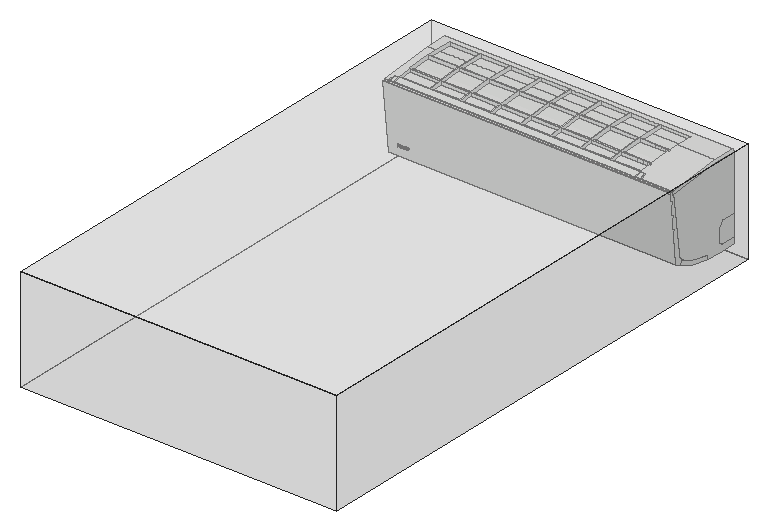
Revit family "outputfile", category 機械設備, Revit 2024
Family settings
  丸型コネクタ寸法 = 半径を使用
  パーツ タイプ = 標準
  OmniClass 番号 = 23.75.10.24.21.27.27
  OmniClass タイトル = Split System Air Conditioning Units
  作業面ベース = いいえ
  常に垂直 = はい
  ロード時にボイドで切り取り = いいえ
  注釈の向きを維持 = いいえ
  共有 = いいえ
  部屋計算ポイント = いいえ
Parameters (values of type "FTKF60AV14")
  Description = ""
  書き出し IFC クラス(タイプ) = "IfcUnitaryEquipmentType"
  定義済み IFC タイプ(タイプ) = "AIRCONDITIONINGUNIT"
  Cost = 0
  Type Comments = ""
  Keynote = ""
  Type Image = (empty or 0)
  Assembly Code = ""
  switch_frequency = yes
  lw_connection [instance] = if(Width = 730.0 mm, 85.0 mm, if(Width = 770.0 mm, 48.0 mm, 60.0 mm))  # 60.0 mm
  製造元 = "Daikin"
  モデル = "FTKF60AV14"
  r_Liquid Pipe Size = Liquid Pipe Size / 2  # 3.2 mm
  r_Gas Pipe Size = Gas Pipe Size / 2  # 6.35 mm
  r_Drain Pipe Size = Drain Pipe Size / 2  # 9.55 mm
  lw_powersupply [instance] = if(Width = 730.0 mm, if(or(Rear Right Connection_refrigerant, Bottom Right Connection_refrigerant), 65.0 mm, if(or(Rear Left Connection_refrigerant, Bottom Left Connection_refrigerant), 695.0 mm, 400.0 mm)), if(Width = 770.0 mm, if(or(Rear Right Connection_refrigerant, Bottom Right Connection_refrigerant), 68.0 mm, if(or(Rear Left Connection_refrigerant, Bottom Left Connection_refrigerant), 705.0 mm, 400.0 mm)), if(or(Rear Right Connection_refrigerant, Bottom Right Connection_refrigerant), 83.0 mm, if(or(Rear Left Connection_refrigerant, Bottom Left Connection_refrigerant), 928.0 mm, 400.0 mm))))  # 400.0 mm
  lw_liquidpipe [instance] = if(Width = 730.0 mm, if(or(Rear Right Connection_refrigerant, Bottom Right Connection_refrigerant), 0.0 mm, if(or(Rear Left Connection_refrigerant, Bottom Left Connection_refrigerant), 582.0 mm, 473.0 mm)), if(Width = 770.0 mm, if(or(Rear Right Connection_refrigerant, Bottom Right Connection_refrigerant), 0.0 mm, if(or(Rear Left Connection_refrigerant, Bottom Left Connection_refrigerant), 682.0 mm, 385.0 mm)), if(or(Rear Right Connection_refrigerant, Bottom Right Connection_refrigerant), 10.0 mm, if(or(Rear Left Connection_refrigerant, Bottom Left Connection_refrigerant), 858.0 mm, 435.0 mm))))  # 435.0 mm
  lw_gaspipe [instance] = if(Width = 730.0 mm, if(or(Rear Right Connection_refrigerant, Bottom Right Connection_refrigerant), 0.0 mm, if(or(Rear Left Connection_refrigerant, Bottom Left Connection_refrigerant), 576.0 mm, 428.0 mm)), if(Width = 770.0 mm, if(or(Rear Right Connection_refrigerant, Bottom Right Connection_refrigerant), 0.0 mm, if(or(Rear Left Connection_refrigerant, Bottom Left Connection_refrigerant), 675.0 mm, 335.0 mm)), if(or(Rear Right Connection_refrigerant, Bottom Right Connection_refrigerant), 0.0 mm, if(or(Rear Left Connection_refrigerant, Bottom Left Connection_refrigerant), 851.0 mm, 400.0 mm))))  # 400.0 mm
  lw_drainpipe [instance] = if(Width = 730.0 mm, if(or(Rear Right Connection_refrigerant, Bottom Right Connection_refrigerant), 0.0 mm, if(or(Rear Left Connection_refrigerant, Bottom Left Connection_refrigerant), 590.0 mm, 488.0 mm)), if(Width = 770.0 mm, if(or(Rear Right Connection_refrigerant, Bottom Right Connection_refrigerant), 0.0 mm, if(or(Rear Left Connection_refrigerant, Bottom Left Connection_refrigerant), 695.0 mm, 440.0 mm)), if(or(Rear Right Connection_refrigerant, Bottom Right Connection_refrigerant), 0.0 mm, if(or(Rear Left Connection_refrigerant, Bottom Left Connection_refrigerant), 888.0 mm, 475.0 mm))))  # 475.0 mm
  l_powersupply_length [instance] = if(Width = 730.0 mm, if(Right Connection_refrigerant, 400.0 mm, if(Left Connection_refrigerant, 330.0 mm, if(or(Bottom Left Connection_refrigerant, Bottom Right Connection_refrigerant), 57.0 mm, if(or(Rear Left Connection_refrigerant, Rear Right Connection_refrigerant), 15.0 mm, 50.0 mm)))), if(Width = 770.0 mm, if(Right Connection_refrigerant, 400.0 mm, if(Left Connection_refrigerant, 370.0 mm, if(or(Bottom Left Connection_refrigerant, Bottom Right Connection_refrigerant), 57.0 mm, if(or(Rear Left Connection_refrigerant, Rear Right Connection_refrigerant), 15.0 mm, 50.0 mm)))), if(Right Connection_refrigerant, 400.0 mm, if(Left Connection_refrigerant, 590.0 mm, if(or(Bottom Left Connection_refrigerant, Bottom Right Connection_refrigerant), 57.0 mm, if(or(Rear Left Connection_refrigerant, Rear Right Connection_refrigerant), 15.0 mm, 50.0 mm))))))  # 400.0 mm
  l_liquidpipe_length [instance] = if(Width = 730.0 mm, if(Right Connection_refrigerant, 558.0 mm, if(Left Connection_refrigerant, 172.0 mm, if(or(Bottom Left Connection_refrigerant, Bottom Right Connection_refrigerant), 48.0 mm, if(or(Rear Left Connection_refrigerant, Rear Right Connection_refrigerant), 30.0 mm, 40.0 mm)))), if(Width = 770.0 mm, if(Right Connection_refrigerant, 433.0 mm, if(Left Connection_refrigerant, 337.0 mm, if(or(Bottom Left Connection_refrigerant, Bottom Right Connection_refrigerant), 48.0 mm, if(or(Rear Left Connection_refrigerant, Rear Right Connection_refrigerant), 30.0 mm, 40.0 mm)))), if(Right Connection_refrigerant, 495.0 mm, if(Left Connection_refrigerant, 495.0 mm, if(or(Bottom Left Connection_refrigerant, Bottom Right Connection_refrigerant), 48.0 mm, if(or(Rear Left Connection_refrigerant, Rear Right Connection_refrigerant), 30.0 mm, 40.0 mm))))))  # 495.0 mm
  l_gaspipe_length [instance] = if(Width = 730.0 mm, if(Right Connection_refrigerant, 513.0 mm, if(Left Connection_refrigerant, 217.0 mm, if(or(Bottom Left Connection_refrigerant, Bottom Right Connection_refrigerant), 57.0 mm, if(or(Rear Left Connection_refrigerant, Rear Right Connection_refrigerant), 40.0 mm, 50.0 mm)))), if(Width = 770.0 mm, if(Right Connection_refrigerant, 383.0 mm, if(Left Connection_refrigerant, 387.0 mm, if(or(Bottom Left Connection_refrigerant, Bottom Right Connection_refrigerant), 57.0 mm, if(or(Rear Left Connection_refrigerant, Rear Right Connection_refrigerant), 40.0 mm, 50.0 mm)))), if(Right Connection_refrigerant, 460.0 mm, if(Left Connection_refrigerant, 530.0 mm, if(or(Bottom Left Connection_refrigerant, Bottom Right Connection_refrigerant), 57.0 mm, if(or(Rear Left Connection_refrigerant, Rear Right Connection_refrigerant), 40.0 mm, 50.0 mm))))))  # 460.0 mm
  l_drainpipe_length [instance] = if(Width = 730.0 mm, if(Right Connection_refrigerant, 573.0 mm, if(Left Connection_refrigerant, 157.0 mm, if(or(Bottom Left Connection_refrigerant, Bottom Right Connection_refrigerant), 35.0 mm, if(or(Rear Left Connection_refrigerant, Rear Right Connection_refrigerant), 15.0 mm, 20.0 mm)))), if(Width = 770.0 mm, if(Right Connection_refrigerant, 488.0 mm, if(Left Connection_refrigerant, 282.0 mm, if(or(Bottom Left Connection_refrigerant, Bottom Right Connection_refrigerant), 35.0 mm, if(or(Rear Left Connection_refrigerant, Rear Right Connection_refrigerant), 15.0 mm, 20.0 mm)))), if(Right Connection_refrigerant, 535.0 mm, if(Left Connection_refrigerant, 455.0 mm, if(or(Bottom Left Connection_refrigerant, Bottom Right Connection_refrigerant), 35.0 mm, if(or(Rear Left Connection_refrigerant, Rear Right Connection_refrigerant), 15.0 mm, 20.0 mm))))))  # 535.0 mm
  h*** = 0.0 mm  # constant formula
  connector_voltage = Voltage_50Hz  # 230 V
  connector_powerinput = [Power Input (Cooling)]  # 1.965 kW
  connector_phase = Phase_50Hz  # 1
  angle_vertical [instance] = if(or(Bottom Left Connection_refrigerant, Bottom Right Connection_refrigerant), 0.00°, 90.00°)  # 90.00°
  angle_horizontal [instance] = if(Right Connection_refrigerant, 90.00°, if(Left Connection_refrigerant, -90.00°, if(or(Rear Left Connection_refrigerant, Rear Right Connection_refrigerant), 180.00°, 0.00°)))  # 90.00°
  Width = 990.0 mm
  Voltage_comment_50Hz = "220 - 240"
  Voltage_50Hz = 230 V
  Version = "ver.1.0"
  Unit Type = "Wall Mounted"
  Unit Mass Weight = 13.00 kg
  Unit Designation [instance] = ""
  Uniclass2015Version = "Products v1.30"
  Uniclass2015Title = "Split coil room air conditioning units"
  Uniclass2015Code = "Pr_70_65_03_86"
  URL = ""
  Total Cooling Capacity [instance] = 0.000 kW
  Sound Pressure Level_M speed (dBA) = 41
  Sound Pressure Level_L speed (dBA) = 36
  Sound Pressure Level_H speed (dBA) = 43
  Sound Power Level_H speed (dB) = 0
  Series = "Single Split_Fan Coil Unit"
  Sensible Cooling Capacity [instance] = 0.000 kW
  Refrigerant Type = "R32"
  Power Input (Cooling) = 1.965 kW
  Phase_50Hz = 1
  Option Accessory 3 [instance] = ""
  Option Accessory 2 [instance] = ""
  Option Accessory 1 [instance] = ""
  Nominal Cooling Capacity = 7.030 kW
  Minimum Circuit Amps_50Hz = 11.5 A
  Minimum Airflow = 816.00 m³/h
  Median Airflow = 951.00 m³/h
  Maximum Fuse Amps_50Hz = 20.0 A
  Maximum Airflow = 1090.00 m³/h
  Material_Casing = DAIKIN_White_Casing_indoorunit
  Load Classification = HVAC
  Liquid Pipe Size = 6.4 mm
  Link_Nested Family [instance] = ""
  IfcVersion = ""
  IfcExportType = "AIRCONDITIONINGUNIT"
  IfcExportAs = "IfcUnitaryEquipmentType"
  Height = 297.0 mm
  Heat Exchanger Type = "Cross Fin Coil"
  Gas Pipe Size = 12.7 mm
  Frequency_50Hz = 50 Hz
  Fan Type = "Cross Flow Fan"
  Fan Drive = "Direct Drive"
  FCU Tag No. [instance] = ""
  Drain Pipe Size = 19.1 mm
  Design Supply Airflow [instance] = 0.00 m³/h
  Depth = 273.0 mm
  既定の高さ = 0.0 mm
  Cooling Entering Wet Bulb Temperature [instance] = 0.00 °C
  Cooling Entering Dry Bulb Temperature [instance] = 0.00 °C
  Cooling Ambient Wet Bulb Temperature [instance] = 0.00 °C
  Cooling Ambient Dry Bulb Temperature [instance] = 0.00 °C
  Clearance visibility [instance] = yes
  Clearance Top = 30.0 mm
  Clearance Right = 50.0 mm
  Clearance Rear = 0.0 mm
  Clearance Left = 50.0 mm
  Clearance Front = 1500.0 mm
  Clearance Bottom = 30.0 mm
  Bottom Right Connection_refrigerant [instance] = no
  Bottom Left Connection_refrigerant [instance] = no
  Rear Right Connection_refrigerant [instance] = no
  Rear Left Connection_refrigerant [instance] = no
  Right Connection_refrigerant [instance] = yes
  Left Connection_refrigerant [instance] = no
Reference planes
  plane 1 "Back": y = 0
  plane 2: z = 0
  plane 3 "Center (Left/Right)": x = 0
  plane 4 "Center (Front/Back)": y = -136.5
  plane 5 "Front": y = -273
  plane 6 "Left": x = -495
  plane 7 "Right": x = 495
  plane 8 "Top": z = 0
  plane 9 "Bottom": z = -297
  plane 10 "Front panel_Left": x = -493
  plane 11 "Front panel_Right": x = 493
  plane 12: x = 359
  plane 13: x = 354
  plane 14: x = -545
  plane 15: x = 545
  plane 16: y = 0
  plane 17: y = -213
  plane 18: z = 30
  plane 19: z = -327
  plane 20 "lw_Piping and Wiring intake": x = 435
  plane 21 "lw_gaspipe": x = 35
  plane 22 "lw_liquidpipe": x = 0
  plane 23 "lw_drainpipe": x = -40
  plane 24 "lh_drainpipe": z = -262
  plane 25 "lh_liquidpipe": z = -249
  plane 26 "lh_gaspipe": z = -240
  plane 27 "ld_drainpipe": y = -15
  plane 28 "ld_liquidpipe": y = -30
  plane 29 "ld_gaspipe": y = -40
  plane 30 "lw_powersupply": x = 95
  plane 31: y = -1773
Dimensions and locks
  equal spacing: plane 6 "Left", plane 3 "Center (Left/Right)", plane 7 "Right"
  "Width": plane 6 "Left" to plane 7 "Right"
  equal spacing: plane 5 "Front", plane 4 "Center (Front/Back)", plane 1 "Back"
  "Depth": plane 5 "Front" to plane 1 "Back"
  "Height": plane 8 "Top" to plane 9 "Bottom"
  locked: plane 10 "Front panel_Left" to plane 6 "Left" at 2
  locked: plane 7 "Right" to plane 11 "Front panel_Right" at 2
  locked: plane 7 "Right" to plane 12 at 136
  locked: plane 12 to plane 13 at 5
  "Clearance Rear": plane 16 to plane 1 "Back"
  "Clearance Top": plane 18 to plane 8 "Top"
  "Clearance Bottom": plane 9 "Bottom" to plane 19
  "lw_connection": plane 20 "lw_Piping and Wiring intake" to plane 7 "Right"
  "lw_gaspipe": plane 21 "lw_gaspipe" to plane 20 "lw_Piping and Wiring intake"
  "lw_liquidpipe": plane 22 "lw_liquidpipe" to plane 20 "lw_Piping and Wiring intake"
  "lw_drainpipe": plane 23 "lw_drainpipe" to plane 20 "lw_Piping and Wiring intake"
  locked: plane 24 "lh_drainpipe" to plane 9 "Bottom" at 35
  locked: plane 25 "lh_liquidpipe" to plane 9 "Bottom" at 48
  locked: plane 26 "lh_gaspipe" to plane 9 "Bottom" at 57
  locked: plane 27 "ld_drainpipe" to plane 1 "Back" at 15
  locked: plane 1 "Back" to plane 28 "ld_liquidpipe" at 30
  locked: plane 1 "Back" to plane 29 "ld_gaspipe" at 40
  "lw_powersupply": plane 30 "lw_powersupply" to plane 7 "Right"
  "Clearance Left": plane 14 to plane 6 "Left"
  "Clearance Right": plane 7 "Right" to plane 15
  "Clearance Front": plane 5 "Front" to plane 31
  aligned and locked: level to plane 2
  aligned and locked: plane 16 to nested 1
  aligned and locked: nested 1 to plane 14
  aligned and locked: nested 1 to plane 15
  aligned and locked: plane 19 to nested 1
  aligned and locked: plane 18 to nested 1
  aligned and locked: plane 21 "lw_gaspipe" to nested 2
  aligned and locked: nested 2 to plane 29 "ld_gaspipe"
  aligned and locked: plane 22 "lw_liquidpipe" to nested 3
  aligned and locked: nested 3 to plane 28 "ld_liquidpipe"
  aligned and locked: plane 23 "lw_drainpipe" to nested 4
  aligned and locked: nested 4 to plane 27 "ld_drainpipe"
  aligned and locked: nested 5 to plane 27 "ld_drainpipe"
  aligned and locked: plane 30 "lw_powersupply" to nested 5
  aligned and locked: level to plane 8 "Top"
  aligned and locked: nested 1 to plane 31
Nested families
  nested 1: "daikin_clearancespace" at (0, -886.5, -148.381), show <- "Clearance visibility", visible <- "Clearance visibility", Link_Nested Family <- "Link_Nested Family", type "daikin_clearancespace"
    with width 1090.0 mm, show yes, height 357.0 mm, depth 1773.0 mm, Link_Nested Family ""
  nested 2: "daikin_connector_rotate3" at (35, -40, -240), angle_vertical <- "angle_vertical", angle_horizontal <- "angle_horizontal", length <- "l_gaspipe_length", radius <- "r_Gas Pipe Size", type "daikin_connector_rotate3"
    with show no, radius 6.35 mm, length 460.0 mm, angle_vertical 90.00°, angle_horizontal 90.00°
  nested 3: "daikin_connector_rotate3" at (0, -30, -249), angle_vertical <- "angle_vertical", angle_horizontal <- "angle_horizontal", radius <- "r_Liquid Pipe Size", length <- "l_liquidpipe_length", type "daikin_connector_rotate3"
    with show no, radius 3.2 mm, length 495.0 mm, angle_vertical 90.00°, angle_horizontal 90.00°
  nested 4: "daikin_connector_rotate3" at (-40, -15, -262), angle_vertical <- "angle_vertical", angle_horizontal <- "angle_horizontal", length <- "l_drainpipe_length", radius <- "r_Drain Pipe Size", type "daikin_connector_rotate3"
    with show no, radius 9.55 mm, length 535.0 mm, angle_vertical 90.00°, angle_horizontal 90.00°
  nested 5: "daikin_connector_rotate3" at (95, -15, -240), angle_vertical <- "angle_vertical", angle_horizontal <- "angle_horizontal", length <- "l_powersupply_length", type "daikin_connector_rotate3"
    with show no, radius 10.0 mm, length 400.0 mm, angle_vertical 90.00°, angle_horizontal 90.00°
  nested 6: "DAIKIN_indoorunit_FTKF-AV14" at (-31, 0, 0), type "FTKF-AV14"
    with switch_unit1_60 yes, switch_unit1_25 no, Width 990.0 mm, WALL HOLE-R 48.0 mm, Height 297.0 mm
Connectors
  piping at (495, -40, -240), diameter 12.7, driven by "r_Gas Pipe Size"
    settings: on nested 2, index 1, connector inside diameter 609.6 mm, connector length 0.0 mm, flow factor 0, pipe flow 0.00 m³/h, pressure drop 0.0 Pa, fitting loss kfactor 0, connector angle 0.00°, fixture units 0, engagement length 0.0 mm, angle of deflection 0.00°, flow configuration 1, flow direction 2, fitting loss method 0, system type 29, joint type 0, gender type 0, connector reference index -1, connector utility 0, adjustable connector no, is connector primary yes, connector description "Refrigerant Gas Piping"
  piping at (495, -30, -249), diameter 6.4, driven by "r_Liquid Pipe Size"
    settings: on nested 3, index 2, connector inside diameter 609.6 mm, connector length 0.0 mm, flow factor 0, pipe flow 0.00 m³/h, pressure drop 0.0 Pa, fitting loss kfactor 0, connector angle 0.00°, fixture units 0, engagement length 0.0 mm, angle of deflection 0.00°, flow configuration 1, flow direction 1, fitting loss method 0, system type 29, joint type 0, gender type 0, connector reference index -1, connector utility 0, adjustable connector no, is connector primary no, connector description "Refrigerant Liquid Piping"
  piping at (495, -15, -262), diameter 19.1, driven by "r_Drain Pipe Size"
    settings: on nested 4, index 3, connector inside diameter 609.6 mm, connector length 0.0 mm, flow factor 0, pipe flow 0.00 m³/h, pressure drop 0.0 Pa, fitting loss kfactor 0, connector angle 0.00°, fixture units 0, engagement length 0.0 mm, angle of deflection 0.00°, flow configuration 1, flow direction 2, fitting loss method 4, system type 16, joint type 0, gender type 0, connector reference index -1, connector utility 0, adjustable connector no, is connector primary no, connector description "Condensate Drain Piping"
  electrical at (495, -15, -240), driven by "Load Classification", driven by "connector_powerinput", driven by "connector_phase", driven by "connector_voltage"
    settings: on nested 5, index 4, voltage 230 V, apparent load 1965 VA, apparent load phase1 0 VA, apparent load phase2 0 VA, apparent load phase3 0 VA, power factor 1, load classification "HVAC", number of poles 1, system type 30, power factor state 1, is connector primary yes, connector utility no, sub classification motor no, connector description "Power Supply"
Definition of nested family "daikin_clearancespace"
  Parameters (values of type "daikin_clearancespace")
    Description = "daikin_clearancespace"
    width [instance] = 1823.963 mm
    show [instance] = yes
    material = none
    height [instance] = 1359.762 mm
    depth [instance] = 880.0 mm
    Default Elevation = 0.0 mm
    Link_Nested Family [instance] = ""
  Reference planes
    plane 1 "Center (Front/Back)": y = 0
    plane 2 "Center (Elevation)": z = -0.119
    plane 3 "Center (Left/Right)": x = 0
    plane 4: y = 440
    plane 5: y = -440
    plane 6 "Right": x = 911.982
    plane 7 "Left": x = -911.982
    plane 8 "Top": z = 679.762
    plane 9 "Bottom": z = -680
  Forms (mm)
    Extrusion 1, solid, material <- "material", visible <- "show"
      sketch origin (0, 0, 0) x (1, 0, 0) y (0, 1, 0)
        loop
          line (-911.982, 440) -> (-911.982, -440) -> (911.982, -440) -> (911.982, 440) -> (-911.982, 440)
      from -680 to 679.762
  Lines and regions (mm)
    symbolic lines, visible <- "show"
      curve 1: line (911.982, 440, 0) -> (-911.982, 440, 0)
      curve 2: line (-911.982, 440, 0) -> (-911.982, -440, 0)
      curve 3: line (-911.982, -440, 0) -> (911.982, -440, 0)
      curve 4: line (911.982, -440, 0) -> (911.982, 440, 0)
      curve 5: line (911.982, 0, 679.762) -> (-911.982, 0, 679.762)
      curve 6: line (911.982, 0, -680) -> (911.982, 0, 679.762)
      curve 7: line (-911.982, 0, -680) -> (911.982, 0, -680)
      curve 8: line (-911.982, 0, 679.762) -> (-911.982, 0, -680)
      curve 9: line (0, 440, 679.762) -> (0, -440, 679.762)
      curve 10: line (0, -440, 679.762) -> (0, -440, -680)
      curve 11: line (0, 440, -680) -> (0, 440, 679.762)
      curve 12: line (0, -440, -680) -> (0, 440, -680)
  Dimensions and locks
    "width": plane 7 "Left" to plane 6 "Right"
    "depth": plane 4 to plane 5
    "height": plane 8 "Top" to plane 9 "Bottom"
    equal spacing: plane 7 "Left", plane 3 "Center (Left/Right)", plane 6 "Right"
    equal spacing: plane 4, plane 1 "Center (Front/Back)", plane 5
    equal spacing: plane 8 "Top", plane 2 "Center (Elevation)", plane 9 "Bottom"
    aligned and locked: level to plane 2 "Center (Elevation)"
    aligned and locked: Extrusion 1 sketch curve to plane 4
    aligned and locked: plane 7 "Left" to Extrusion 1 sketch curve
    aligned and locked: Extrusion 1 sketch curve to plane 5
    aligned and locked: Extrusion 1 sketch curve to plane 6 "Right"
    aligned and locked: plane 8 "Top" to Extrusion 1
    aligned and locked: curve 1 to Extrusion 1
    aligned and locked: curve 2 to Extrusion 1
    aligned and locked: curve 3 to Extrusion 1
    aligned and locked: curve 4 to Extrusion 1
    aligned and locked: curve 5 to Extrusion 1
    aligned and locked: curve 6 to Extrusion 1
    aligned and locked: curve 7 to Extrusion 1
    aligned and locked: curve 8 to Extrusion 1
    aligned and locked: curve 9 to Extrusion 1
    aligned and locked: curve 10 to Extrusion 1
    aligned and locked: curve 11 to Extrusion 1
    aligned and locked: curve 12 to Extrusion 1
    aligned and locked: Extrusion 1 to plane 9 "Bottom"
Definition of nested family "DAIKIN_indoorunit_FTKF-AV14"
  Parameters (values of type "FTKF-AV14")
    switch_unit1_60 = Width = 990.0 mm  # no
    switch_unit1_35-50 = Width = 770.0 mm  # no
    switch_unit1_25 = Width = 730.0 mm  # yes
    Width = 730.0 mm
    WALL HOLE-R = if(Width = 730.0 mm, 79.0 mm, 48.0 mm)  # 79.0 mm
    Material_Casing = none
    Height = if(Width = 730.0 mm, 280.0 mm, if(Width = 770.0 mm, 288.0 mm, 297.0 mm))  # 280.0 mm
    Default Elevation = 0.0 mm
  Reference planes
    plane 1 "Center (Front/Back)": y = 0
    plane 2 "reference_level": z = 0
    plane 3 "Center (Left/Right)": x = 31
    plane 4: x = -334
    plane 5: x = 396
    plane 6: z = -280
  Forms (mm)
    Extrusion 1, solid, material <- "Material_Casing", visible <- "switch_unit1_25"
      sketch origin (31, 0, 0) x (0, 1, 0) y (0, 0, 1)
        loop
          line (-109.519, -8) -> (-2.596, -8) -> (-8.198, 0) -> (-109.608, 0)
          arc (-109.608, 0) -> (-157.226, -5.2) -> (-202.599, -20.555) r 220.623
          line (-202.599, -20.555) -> (-202.447, -29.25)
          arc (-202.447, -29.25) -> (-157.182, -13.38) -> (-109.519, -8) r 213.82
      from -365 to 365
    Extrusion 2, solid, material <- "Material_Casing", visible <- "switch_unit1_25"
      sketch origin (416, 1304.033, 1200.206) x (0, 1, 0) y (0, 0, 1)
        loop
          arc (-1496.513, -1423.164) -> (-1487.225, -1434.204) -> (-1476.373, -1443.711) r 95
          arc (-1476.373, -1443.711) -> (-1448.371, -1461.92) -> (-1418.191, -1476.232) r 250
          line (-1418.191, -1476.232) -> (-1418.191, -1465.318)
          arc (-1418.191, -1465.318) -> (-1445.052, -1452.134) -> (-1470.063, -1435.711) r 240
          arc (-1470.063, -1435.711) -> (-1477.766, -1429.186) -> (-1484.641, -1421.794) r 85
          line (-1484.641, -1421.794) -> (-1496.513, -1423.164)
      from -20 to -177
    Extrusion 3, solid, material <- "Material_Casing", visible <- "switch_unit1_25"
      sketch origin (31, 0, 0) x (0, 1, 0) y (0, 0, 1)
        loop
          line (-202.769, -10.816) -> (-211.618, -13.692)
          arc (-211.618, -13.692) -> (-212.628, -14.432) -> (-213, -15.629) r 2
          line (-213, -15.629) -> (-210.348, -167.5)
          arc (-210.348, -167.5) -> (-206.029, -195.818) -> (-193.465, -221.562) r 95
          line (-193.465, -221.562) -> (-181.653, -220.199)
          arc (-181.653, -220.199) -> (-195.31, -195.356) -> (-200.037, -167.403) r 85
          line (-200.037, -167.403) -> (-202.769, -10.816)
      from -365 to 365
    Extrusion 4, solid, material <- "Material_Casing", visible <- "switch_unit1_25"
      sketch origin (31, 0, 0) x (0, 1, 0) y (0, 0, 1)
        loop
          line (0, -280) -> (0, -11.707) -> (-2.596, -8) -> (-109.519, -8)
          arc (-109.519, -8) -> (-156.378, -13.198) -> (-200.959, -28.539) r 213.82
          line (-200.959, -28.539) -> (-198.537, -167.295)
          arc (-198.537, -167.295) -> (-189.766, -204.754) -> (-165.131, -234.305) r 83.5
          arc (-165.131, -234.305) -> (-139.841, -250.873) -> (-112.659, -264.109) r 238.5
          line (-112.659, -264.109) -> (-112.659, -276.338)
          arc (-112.659, -276.338) -> (-100.834, -279.079) -> (-88.731, -280) r 80
          line (-88.731, -280) -> (0, -280)
      from -365 to 365
    Extrusion 5, solid, material <- "Material_Casing", visible <- "switch_unit1_25"
      sketch origin (-354, 1304.033, 1200.206) x (0, 1, 0) y (0, 0, 1)
        loop
          arc (-1496.513, -1423.164) -> (-1487.225, -1434.204) -> (-1476.373, -1443.711) r 95
          arc (-1476.373, -1443.711) -> (-1448.371, -1461.92) -> (-1418.191, -1476.232) r 250
          line (-1418.191, -1476.232) -> (-1418.191, -1465.318)
          arc (-1418.191, -1465.318) -> (-1445.052, -1452.134) -> (-1470.063, -1435.711) r 240
          arc (-1470.063, -1435.711) -> (-1477.766, -1429.186) -> (-1484.641, -1421.794) r 85
          line (-1484.641, -1421.794) -> (-1496.513, -1423.164)
      from 72 to 20
    Extrusion 6, solid, material <- "Material_Casing", visible <- "switch_unit1_25"
      sketch origin (31, 7.782, 0.206) x (0, 1, 0) y (0, 0, 1)
        loop
          line (-188.39, -221.794) -> (-200.262, -223.164)
          arc (-200.262, -223.164) -> (-190.975, -234.204) -> (-180.122, -243.711) r 95
          arc (-180.122, -243.711) -> (-152.12, -261.92) -> (-121.941, -276.232) r 250
          line (-121.941, -276.232) -> (-121.941, -265.318)
          arc (-121.941, -265.318) -> (-148.801, -252.134) -> (-173.813, -235.711) r 240
          arc (-173.813, -235.711) -> (-181.515, -229.186) -> (-188.39, -221.794) r 85
      from 204 to -309
    Extrusion 7, void
      sketch origin (31, 0, -235) x (1, 0, 0) y (0, 1, 0)
        loop
          line (-324.633, -72.419) -> (-304, -73.5) -> (-234.9, -73.5) -> (-234.9, -24.5) -> (-324.633, -24.5) -> (-324.633, -72.419)
        loop
          line (-304, -74.9) -> (-324.633, -75.939) -> (-324.633, -139.819) -> (-304, -140.9) -> (-234.9, -140.9) -> (-234.9, -74.9) -> (-304, -74.9)
        loop
          line (-304, -142.3) -> (-324.633, -143.326) -> (-324.633, -182.209) -> (-300, -183.5) -> (-234.9, -183.5) -> (-234.9, -142.3) -> (-304, -142.3)
        loop
          line (-233.5, -142.3) -> (-233.5, -183.5) -> (-146.9, -183.5) -> (-146.9, -142.3) -> (-233.5, -142.3)
        loop
          line (-233.5, -140.9) -> (-146.9, -140.9) -> (-146.9, -74.9) -> (-233.5, -74.9) -> (-233.5, -140.9)
        loop
          line (-233.5, -73.5) -> (-146.9, -73.5) -> (-146.9, -24.5) -> (-233.5, -24.5) -> (-233.5, -73.5)
        loop
          line (-145.5, -73.5) -> (-74.9, -73.5) -> (-54.9, -72.452) -> (-54.9, -24.5) -> (-145.5, -24.5) -> (-145.5, -73.5)
        loop
          line (-145.5, -74.9) -> (-145.5, -140.9) -> (-74.9, -140.9) -> (-54.9, -139.852) -> (-54.9, -75.948) -> (-74.9, -74.9) -> (-145.5, -74.9)
        loop
          line (-145.5, -142.3) -> (-145.5, -183.5) -> (-74.9, -183.5) -> (-54.9, -182.452) -> (-54.9, -143.348) -> (-74.9, -142.3) -> (-145.5, -142.3)
        loop
          line (-53.5, -24.5) -> (-53.5, -72.452) -> (-33.5, -73.5) -> (36.5, -73.5) -> (36.5, -24.5) -> (-53.5, -24.5)
        loop
          line (-53.5, -75.948) -> (-53.5, -139.852) -> (-33.5, -140.9) -> (36.5, -140.9) -> (36.5, -74.9) -> (-33.5, -74.9) -> (-53.5, -75.948)
        loop
          line (-33.5, -142.3) -> (-53.5, -143.348) -> (-53.5, -182.452) -> (-33.5, -183.5) -> (36.5, -183.5) -> (36.5, -142.3) -> (-33.5, -142.3)
        loop
          line (37.9, -24.5) -> (37.9, -73.5) -> (124.9, -73.5) -> (124.9, -24.5) -> (37.9, -24.5)
        loop
          line (37.9, -74.9) -> (37.9, -140.9) -> (124.9, -140.9) -> (124.9, -74.9) -> (37.9, -74.9)
        loop
          line (37.9, -142.3) -> (37.9, -183.5) -> (124.9, -183.5) -> (124.9, -142.3) -> (37.9, -142.3)
        loop
          line (126.3, -24.5) -> (126.3, -73.5) -> (195.6, -73.5) -> (216, -72.431) -> (216, -24.5) -> (126.3, -24.5)
        loop
          line (126.3, -74.9) -> (126.3, -140.9) -> (198.5, -140.9) -> (216, -139.983) -> (216, -75.817) -> (198.5, -74.9) -> (126.3, -74.9)
        loop
          line (126.3, -142.3) -> (126.3, -183.5) -> (198.337, -183.5) -> (216, -182.623) -> (216, -143.217) -> (198.5, -142.3) -> (126.3, -142.3)
      from 201.638 to 250
    Extrusion 8, solid, material <- "Material_Casing"
      sketch origin (31, 0, 0) x (1, 0, 0) y (0, 0, 1)
        loop
          circle (286, -235) r 40
        loop
          circle (-317, -235) r 40
      from 0 to 5
    Extrusion 9, solid, material <- "Material_Casing", visible <- "switch_unit1_25"
      sketch origin (396, 1296.25, 1200) x (0, -1, 0) y (0, 0, 1)
        loop
          line (1326.25, -1413) -> (1296.25, -1413) -> (1296.25, -1473) -> (1326.25, -1473)
          arc (1326.25, -1473) -> (1340.393, -1467.142) -> (1346.25, -1453) r 20
          line (1346.25, -1453) -> (1346.25, -1433)
          arc (1346.25, -1433) -> (1340.393, -1418.858) -> (1326.25, -1413) r 20
      from 0 to 5
    Extrusion 10, solid, material <- "Material_Casing", visible <- "switch_unit1_25"
      sketch origin (-334, 1296.25, 1200) x (0, 1, 0) y (0, 0, 1)
        loop
          line (-1296.25, -1413) -> (-1326.25, -1413)
          arc (-1326.25, -1413) -> (-1340.393, -1418.858) -> (-1346.25, -1433) r 20
          line (-1346.25, -1433) -> (-1346.25, -1453)
          arc (-1346.25, -1453) -> (-1340.393, -1467.142) -> (-1326.25, -1473) r 20
          line (-1326.25, -1473) -> (-1296.25, -1473) -> (-1296.25, -1413)
      from 0 to 5
    Extrusion 11, solid, material <- "Material_Casing", visible <- "switch_unit1_25"
      sketch origin (11, 0, -285) x (-1, 0, 0) y (0, -1, 0)
        loop
          line (-279, 0) -> (-279, 30)
          arc (-279, 30) -> (-284.419, 43.081) -> (-297.5, 48.5) r 18.5
          line (-297.5, 48.5) -> (-320.5, 48.5)
          arc (-320.5, 48.5) -> (-333.581, 43.081) -> (-339, 30) r 18.5
          line (-339, 30) -> (-339, 0) -> (-279, 0)
        loop
          line (326, 0) -> (326, 30)
          arc (326, 30) -> (320.581, 43.081) -> (307.5, 48.5) r 18.5
          line (307.5, 48.5) -> (284.5, 48.5)
          arc (284.5, 48.5) -> (271.419, 43.081) -> (266, 30) r 18.5
          line (266, 30) -> (266, 0) -> (326, 0)
      from 10 to 5
    Extrusion 12, solid, material <- "Material_Casing", visible <- "switch_unit1_35-50"
      sketch origin (31, 0, 0) x (0, 1, 0) y (0, 0, 1)
        loop
          line (-5, 0) -> (-45.84, 0)
          arc (-45.84, 0) -> (-135.906, -3.965) -> (-225.275, -15.831) r 1024.823
          arc (-225.275, -15.831) -> (-224.639, -21.302) -> (-223.878, -26.758) r 241.564
          arc (-223.878, -26.758) -> (-135.207, -14.947) -> (-45.84, -11) r 1013.66
          line (-45.84, -11) -> (0, -11) -> (0, -9.02) -> (-5, 0)
      from -385 to 385
    Extrusion 13, solid, material <- "Material_Casing", visible <- "switch_unit1_35-50"
      sketch origin (31, 0, 0) x (0, 1, 0) y (0, 0, 1)
        loop
          arc (-226.673, -12.416) -> (-229.519, -12.929) -> (-232.363, -13.449) r 1025.776
          arc (-232.363, -13.449) -> (-233.586, -14.198) -> (-233.994, -15.573) r 2
          line (-233.994, -15.573) -> (-218.08, -217.408)
          arc (-218.08, -217.408) -> (-211.296, -237.286) -> (-195.807, -251.472) r 42.415
          line (-195.807, -251.472) -> (-186.556, -243.946)
          arc (-186.556, -243.946) -> (-193.981, -235.221) -> (-197.648, -224.366) r 30.386
          line (-197.648, -224.366) -> (-226.673, -12.416)
      from -385 to 385
    Extrusion 14, void
      sketch origin (33, 0, 0) x (1, 0, 0) y (0, 1, 0)
        loop
          line (-357.499, -23.5) -> (-357.499, -96.7) -> (-255.999, -96.7) -> (-255.999, -23.5) -> (-357.499, -23.5)
        loop
          line (-255.999, -99.1) -> (-357.499, -99.1) -> (-357.499, -170.1) -> (-255.999, -170.1) -> (-255.999, -99.1)
        loop
          line (-255.999, -171.7) -> (-357.499, -171.7) -> (-357.499, -201.7) -> (-255.999, -201.7) -> (-255.999, -171.7)
        loop
          line (-253.399, -23.5) -> (-253.399, -96.7) -> (-153.899, -96.7) -> (-153.899, -23.5) -> (-253.399, -23.5)
        loop
          line (-253.399, -99.1) -> (-253.399, -170.1) -> (-153.899, -170.1) -> (-153.899, -99.1) -> (-253.399, -99.1)
        loop
          line (-153.899, -171.7) -> (-253.399, -171.7) -> (-253.399, -201.7) -> (-153.899, -201.7) -> (-153.899, -171.7)
        loop
          line (-56.549, -23.5) -> (-151.299, -23.5) -> (-151.299, -96.7) -> (-56.549, -96.7) -> (-56.549, -23.5)
        loop
          line (-151.299, -99.1) -> (-151.299, -170.1) -> (-56.549, -170.1) -> (-56.549, -99.1) -> (-151.299, -99.1)
        loop
          line (-56.549, -171.7) -> (-151.299, -171.7) -> (-151.299, -201.7) -> (-56.549, -201.7) -> (-56.549, -171.7)
        loop
          line (50.301, -23.5) -> (-44.549, -23.5) -> (-44.549, -96.7) -> (50.301, -96.7) -> (50.301, -23.5)
        loop
          line (-44.549, -99.1) -> (-44.549, -170.1) -> (50.301, -170.1) -> (50.301, -99.1) -> (-44.549, -99.1)
        loop
          line (50.301, -171.7) -> (-44.549, -171.7) -> (-44.549, -201.7) -> (50.301, -201.7) -> (50.301, -171.7)
        loop
          line (52.901, -23.5) -> (52.901, -96.7) -> (152.401, -96.7) -> (152.401, -23.5) -> (52.901, -23.5)
        loop
          line (52.901, -99.1) -> (52.901, -170.1) -> (152.401, -170.1) -> (152.401, -99.1) -> (52.901, -99.1)
        loop
          line (52.901, -171.7) -> (52.901, -201.7) -> (152.401, -201.7) -> (152.401, -171.7) -> (52.901, -171.7)
        loop
          line (155.001, -23.5) -> (155.001, -96.7) -> (256.501, -96.7) -> (256.501, -23.5) -> (155.001, -23.5)
        loop
          line (155.001, -99.1) -> (155.001, -170.1) -> (217.501, -170.1) -> (229.501, -170.1) -> (241.501, -170.1) -> (256.501, -170.1) -> (256.501, -152.1) -> (256.501, -134.1) -> (256.501, -116.1) -> (256.501, -99.1) -> (241.501, -99.1) -> (229.501, -99.1) -> (217.501, -99.1) -> (155.001, -99.1)
        loop
          line (155.001, -171.7) -> (155.001, -201.7) -> (217.501, -201.7) -> (229.501, -201.7) -> (241.501, -201.7) -> (256.501, -201.7) -> (256.501, -171.7) -> (241.501, -171.7) -> (229.501, -171.7) -> (217.501, -171.7) -> (155.001, -171.7)
      from -40.013 to 47.268
    Extrusion 15, solid, material <- "Material_Casing", visible <- "switch_unit1_35-50"
      sketch origin (-356, 1308.25, 1200) x (0, 1, 0) y (0, 0, -1)
        loop
          line (-1407.524, 1473.254) -> (-1407.524, 1484.154)
          arc (-1407.524, 1484.154) -> (-1456.679, 1472.122) -> (-1503.106, 1451.987) r 299.52
          line (-1503.106, 1451.987) -> (-1494.032, 1444.604)
          arc (-1494.032, 1444.604) -> (-1451.915, 1462.363) -> (-1407.524, 1473.254) r 288.723
      from -2 to -49.5
    Extrusion 16, solid, material <- "Material_Casing", visible <- "switch_unit1_35-50"
      sketch origin (418, 1308.25, 1200) x (0, 1, 0) y (0, 0, 1)
        loop
          arc (-1407.524, -1473.254) -> (-1451.915, -1462.363) -> (-1494.032, -1444.604) r 288.723
          line (-1494.032, -1444.604) -> (-1503.106, -1451.987)
          arc (-1503.106, -1451.987) -> (-1456.679, -1472.122) -> (-1407.524, -1484.154) r 299.52
          line (-1407.524, -1484.154) -> (-1407.524, -1473.254)
      from -2 to -119.5
    Extrusion 17, solid, material <- "Material_Casing", visible <- "switch_unit1_35-50"
      sketch origin (418, 1308.25, 1200) x (0, 1, 0) y (0, 0, 1)
        loop
          line (-1407.524, -1484.154) -> (-1407.524, -1473.254)
          arc (-1407.524, -1473.254) -> (-1451.915, -1462.363) -> (-1494.032, -1444.604) r 288.723
          line (-1494.032, -1444.604) -> (-1503.106, -1451.987)
          arc (-1503.106, -1451.987) -> (-1456.679, -1472.122) -> (-1407.524, -1484.154) r 299.52
      from -119.5 to -724.5
    Extrusion 18, solid, material <- "Material_Casing", visible <- "switch_unit1_35-50"
      sketch origin (31, 0, -30) x (0, 1, 0) y (0, 0, 1)
        loop
          arc (-45.84, 19) -> (-135.218, 15.052) -> (-223.901, 3.238) r 1013.66
          line (-223.901, 3.238) -> (-196.855, -194.257)
          arc (-196.855, -194.257) -> (-192.985, -205.344) -> (-185.107, -214.052) r 29.589
          arc (-185.107, -214.052) -> (-142.926, -231.76) -> (-98.473, -242.568) r 288.081
          line (-98.473, -242.568) -> (-98.525, -254.271)
          arc (-98.525, -254.271) -> (-75.337, -257.066) -> (-52, -258) r 292.099
          line (-52, -258) -> (0, -258) -> (0, 19) -> (-45.84, 19)
      from -385 to 385
    Extrusion 19, solid, material <- "Material_Casing", visible <- "switch_unit1_35-50"
      sketch origin (416, 1296.25, 1200) x (0, -1, 0) y (0, 0, 1)
        loop
          line (1329.05, -1409.6) -> (1296.25, -1409.6) -> (1296.25, -1469.6) -> (1329.05, -1469.6)
          arc (1329.05, -1469.6) -> (1342.627, -1463.976) -> (1348.25, -1450.4) r 19.2
          line (1348.25, -1450.4) -> (1348.25, -1428.8)
          arc (1348.25, -1428.8) -> (1342.627, -1415.224) -> (1329.05, -1409.6) r 19.2
      from 0 to 5
    Extrusion 20, solid, material <- "Material_Casing", visible <- "switch_unit1_35-50"
      sketch origin (-349, 1296.25, 1200) x (0, -1, 0) y (0, 0, 1)
        loop
          line (1329.05, -1409.6) -> (1296.25, -1409.6) -> (1296.25, -1469.6) -> (1329.05, -1469.6)
          arc (1329.05, -1469.6) -> (1342.627, -1463.976) -> (1348.25, -1450.4) r 19.2
          line (1348.25, -1450.4) -> (1348.25, -1428.8)
          arc (1348.25, -1428.8) -> (1342.627, -1415.224) -> (1329.05, -1409.6) r 19.2
      from 0 to 5
    Extrusion 21, solid, material <- "Material_Casing", visible <- "switch_unit1_35-50"
      sketch origin (31, 200, -288) x (-1, 0, 0) y (0, -1, 0)
        loop
          line (369, 200) -> (369, 232)
          arc (369, 232) -> (363.142, 246.142) -> (349, 252) r 20
          line (349, 252) -> (329, 252)
          arc (329, 252) -> (314.858, 246.142) -> (309, 232) r 20
          line (309, 232) -> (309, 200) -> (369, 200)
        loop
          line (-369, 200) -> (-309, 200) -> (-309, 232)
          arc (-309, 232) -> (-314.858, 246.142) -> (-329, 252) r 20
          line (-329, 252) -> (-349, 252)
          arc (-349, 252) -> (-363.142, 246.142) -> (-369, 232) r 20
          line (-369, 232) -> (-369, 200)
      from 0 to 5
    Extrusion 22, void
      sketch origin (0, 0, 0) x (1, 0, 0) y (0, 1, 0)
        loop
          line (-308, -185.757) -> (-308, -202.769) -> (262, -202.769) -> (262, -185.757) -> (-308, -185.757)
      from -35 to 0
    Extrusion 23, solid, material <- "Material_Casing", visible <- "switch_unit1_25"
      sketch origin (0, 0, 0) x (1, 0, 0) y (0, 1, 0)
        loop
          line (-308, -185.757) -> (-308, -202.757) -> (-293, -202.757) -> (-293, -185.757) -> (-308, -185.757)
        loop
          line (262, -185.757) -> (247, -185.757) -> (247, -202.757) -> (262, -202.757) -> (262, -185.757)
      from -35 to 0
    Extrusion 24, solid, material <- "Material_Casing", visible <- "switch_unit1_25"
      sketch origin (0, 0, 0) x (1, 0, 0) y (0, 1, 0)
        loop
          line (-293, -190.757) -> (-293, -202.757) -> (247, -202.757) -> (247, -190.757) -> (203.171, -190.757) -> (203.171, -194.257)
          arc (203.171, -194.257) -> (202.732, -195.318) -> (201.671, -195.757) r 1.5
          line (201.671, -195.757) -> (180.129, -195.757)
          arc (180.129, -195.757) -> (179.068, -195.318) -> (178.629, -194.257) r 1.5
          line (178.629, -194.257) -> (178.629, -190.757) -> (46.421, -190.757) -> (46.421, -194.257)
          arc (46.421, -194.257) -> (45.982, -195.318) -> (44.921, -195.757) r 1.5
          line (44.921, -195.757) -> (23.379, -195.757)
          arc (23.379, -195.757) -> (22.318, -195.318) -> (21.879, -194.257) r 1.5
          line (21.879, -194.257) -> (21.879, -190.757) -> (-68.079, -190.757) -> (-68.079, -194.257)
          arc (-68.079, -194.257) -> (-68.518, -195.318) -> (-69.579, -195.757) r 1.5
          line (-69.579, -195.757) -> (-91.121, -195.757)
          arc (-91.121, -195.757) -> (-92.182, -195.318) -> (-92.621, -194.257) r 1.5
          line (-92.621, -194.257) -> (-92.621, -190.757) -> (-224.829, -190.757) -> (-224.829, -194.257)
          arc (-224.829, -194.257) -> (-225.268, -195.318) -> (-226.329, -195.757) r 1.5
          line (-226.329, -195.757) -> (-247.871, -195.757)
          arc (-247.871, -195.757) -> (-248.932, -195.318) -> (-249.371, -194.257) r 1.5
          line (-249.371, -194.257) -> (-249.371, -190.757) -> (-293, -190.757)
      from -35 to 0
    Extrusion 25, void
      sketch origin (31, 0, 0) x (0, 1, 0) y (0, 0, 1)
        loop
          line (-185.757, -13.903) -> (-185.757, 0) -> (-205.202, 0) -> (-205.202, -21.715)
          arc (-205.202, -21.715) -> (-195.563, -17.601) -> (-185.757, -13.903) r 245
        loop
          line (-205.202, -30.526) -> (-205.202, -35) -> (-185.757, -35) -> (-185.757, -22.404)
          arc (-185.757, -22.404) -> (-195.57, -26.249) -> (-205.202, -30.526) r 237
      from 231 to -339
    Extrusion 26, void
      sketch origin (0, 0, 0) x (1, 0, 0) y (0, 1, 0)
        loop
          line (-341.401, -199.9) -> (-342.412, -238.673) -> (306.373, -238.673)
          spline (306.373, -238.673) -> (306.288, -235.451) -> (306.202, -232.228) -> (306.116, -229.002) -> (306.031, -225.775) -> (305.945, -222.546) -> (305.859, -219.316) -> (305.774, -216.084) -> (305.688, -212.85) -> (305.602, -209.615) -> (305.517, -206.378) -> (305.431, -203.14) -> (305.345, -199.9)
          line (305.345, -199.9) -> (290.148, -199.9) -> (290.015, -203.69) -> (-326.04, -203.69) -> (-326.173, -199.9) -> (-341.401, -199.9)
      from 0 to -34.101
    Extrusion 27, solid, material <- "Material_Casing", visible <- "switch_unit1_35-50"
      sketch origin (0, 0, 0) x (1, 0, 0) y (0, 1, 0)
        loop
          line (-324.05, -226.673) -> (-324.05, -203.69) -> (-326.04, -203.69) -> (-326.173, -199.9) -> (-341.401, -199.9) -> (-342.099, -226.673) -> (-324.05, -226.673)
        loop
          line (305.344, -199.9) -> (290.148, -199.9) -> (290.015, -203.69) -> (288.001, -203.69) -> (288.001, -226.673) -> (306.055, -226.673) -> (305.344, -199.9)
      from 0 to -30
    Extrusion 28, solid, material <- "Material_Casing", visible <- "switch_unit1_35-50"
      sketch origin (0, 0, 0) x (1, 0, 0) y (0, 1, 0)
        loop
          line (288.001, -203.69) -> (-324.05, -203.69) -> (-324.05, -226.673) -> (288.001, -226.673) -> (288.001, -203.69)
      from 0 to -30
    Extrusion 29, void
      sketch origin (31, 0, 0) x (0, 1, 0) y (0, 0, 1)
        loop
          arc (-223.878, -26.758) -> (-224.639, -21.302) -> (-225.275, -15.831) r 241.564
          arc (-225.275, -15.831) -> (-212.6, -13.659) -> (-199.9, -11.646) r 1024.823
          line (-199.9, -11.646) -> (-199.9, 0) -> (-238.673, 0) -> (-238.673, -30) -> (-199.9, -30) -> (-199.9, -22.776)
          arc (-199.9, -22.776) -> (-211.901, -24.695) -> (-223.878, -26.758) r 1013.66
      from -385 to 385
    Extrusion 30, void
      sketch origin (31, 12, 0) x (0, 1, 0) y (0, 0, 1)
        loop
          arc (-201.887, -254.601) -> (-173.585, -267.35) -> (-144.115, -277.1) r 299.52
          line (-144.115, -277.1) -> (-122.392, -277.1)
          arc (-122.392, -277.1) -> (-157.174, -267.937) -> (-190.58, -254.601) r 294.52
          line (-190.58, -254.601) -> (-201.887, -254.601)
      from 303 to 335
    Extrusion 31, solid, material <- "Material_Casing", visible <- "switch_unit1_35-50"
      sketch origin (31, 12, 0) x (0, 1, 0) y (0, 0, 1)
        loop
          arc (-201.887, -254.601) -> (-173.585, -267.35) -> (-144.115, -277.1) r 299.52
          line (-144.115, -277.1) -> (-122.392, -277.1)
          arc (-122.392, -277.1) -> (-157.174, -267.937) -> (-190.58, -254.601) r 294.52
          line (-190.58, -254.601) -> (-201.887, -254.601)
      from 303 to 335
    Extrusion 32, void
      sketch origin (31, 12, 0) x (0, 1, 0) y (0, 0, 1)
        loop
          arc (-197.929, -256.6) -> (-189.925, -260.422) -> (-181.811, -264.005) r 299.52
          line (-181.811, -264.005) -> (-173.896, -264.005)
          arc (-173.896, -264.005) -> (-182.522, -260.437) -> (-191.03, -256.6) r 296.52
          line (-191.03, -256.6) -> (-197.929, -256.6)
      from 308.25 to 329.75
    Extrusion 33, solid, material <- "Material_Casing", visible <- "switch_unit1_35-50"
      sketch origin (31, 12, 0) x (0, 1, 0) y (0, 0, 1)
        loop
          line (-191.03, -256.6) -> (-197.929, -256.6)
          arc (-197.929, -256.6) -> (-189.925, -260.422) -> (-181.811, -264.005) r 299.52
          line (-181.811, -264.005) -> (-173.896, -264.005)
          arc (-173.896, -264.005) -> (-182.522, -260.437) -> (-191.03, -256.6) r 296.52
      from 308.25 to 329.75
    Extrusion 34, solid, material <- "Material_Casing", visible <- "switch_unit1_60"
      sketch origin (31, 0, 0) x (0, 1, 0) y (0, 0, 1)
        loop
          line (0, -9.411) -> (-5.217, 0) -> (-81.299, 0)
          arc (-81.299, 0) -> (-172.954, -4.661) -> (-263.664, -18.596) r 903.475
          line (-263.664, -18.596) -> (-262.227, -29.099)
          arc (-262.227, -29.099) -> (-172.204, -15.282) -> (-81.24, -10.748) r 889.035
          spline (-81.24, -10.748) -> (-74.468, -10.758) -> (-67.697, -10.768) -> (-60.927, -10.777) -> (-54.156, -10.787) -> (-47.386, -10.797) -> (-40.616, -10.807) -> (-33.846, -10.817) -> (-27.076, -10.827) -> (-20.307, -10.837) -> (-13.538, -10.846) -> (-6.769, -10.856) -> (0, -10.866)
          line (0, -10.866) -> (0, -9.411)
      from -495 to 495
    Extrusion 35, solid, material <- "Material_Casing", visible <- "switch_unit1_60"
      sketch origin (31, 0, 0) x (0, 1, 0) y (0, 0, 1)
        loop
          arc (-61.32, -11) -> (-162.288, -14.333) -> (-262.227, -29.099) r 889.035
          line (-262.227, -29.099) -> (-235.753, -222.656)
          arc (-235.753, -222.656) -> (-231.042, -237.333) -> (-221.593, -249.512) r 44.358
          arc (-221.593, -249.512) -> (-169.646, -270.267) -> (-114.65, -280.495) r 285.5
          line (-114.65, -280.495) -> (-114.65, -294.996)
          arc (-114.65, -294.996) -> (-88.244, -296.499) -> (-61.8, -297) r 697.94
          line (-61.8, -297) -> (0, -297) -> (0, -11) -> (-61.32, -11)
      from -495 to 495
    Extrusion 36, solid, material <- "Material_Casing", visible <- "switch_unit1_60"
      sketch origin (31, 0.704, 0) x (0, 1, 0) y (0, 0, 1)
        loop
          arc (-234.553, -259.361) -> (-177.189, -283.256) -> (-116.154, -294.93) r 302.598
          line (-116.154, -294.93) -> (-116.154, -281.229)
          arc (-116.154, -281.229) -> (-130.021, -279.659) -> (-143.795, -277.416) r 286.286
          arc (-143.795, -277.416) -> (-184.393, -266.65) -> (-222.978, -250.06) r 286.299
          line (-222.978, -250.06) -> (-234.553, -259.361)
      from -495 to -449
    Extrusion 37, solid, material <- "Material_Casing", visible <- "switch_unit1_60"
      sketch origin (86, 0.704, 0) x (0, 1, 0) y (0, 0, 1)
        loop
          arc (-234.553, -259.361) -> (-177.189, -283.256) -> (-116.154, -294.93) r 302.598
          line (-116.154, -294.93) -> (-116.154, -281.229)
          arc (-116.154, -281.229) -> (-130.021, -279.659) -> (-143.795, -277.416) r 286.286
          arc (-143.795, -277.416) -> (-184.393, -266.65) -> (-222.978, -250.06) r 286.299
          line (-222.978, -250.06) -> (-234.553, -259.361)
      from -498 to 288
    Extrusion 38, solid, material <- "Material_Casing", visible <- "switch_unit1_60"
      sketch origin (237.5, 0.704, 0) x (0, 1, 0) y (0, 0, 1)
        loop
          arc (-234.553, -259.361) -> (-177.189, -283.256) -> (-116.154, -294.93) r 302.598
          line (-116.154, -294.93) -> (-116.154, -281.229)
          arc (-116.154, -281.229) -> (-130.021, -279.659) -> (-143.795, -277.416) r 286.286
          arc (-143.795, -277.416) -> (-184.393, -266.65) -> (-222.978, -250.06) r 286.299
          line (-222.978, -250.06) -> (-234.553, -259.361)
      from 141.5 to 288.5
    Extrusion 39, solid, material <- "Material_Casing", visible <- "switch_unit1_60"
      sketch origin (31, 0, 0) x (0, 1, 0) y (0, 0, 1)
        loop
          arc (-222.666, -249.246) -> (-231.958, -237) -> (-236.602, -222.347) r 45.158
          line (-236.602, -222.347) -> (-264.436, -18.854)
          arc (-264.436, -18.854) -> (-268.128, -19.63) -> (-271.818, -20.421) r 900
          arc (-271.818, -20.421) -> (-272.685, -20.967) -> (-272.999, -21.943) r 1.5
          line (-272.999, -21.943) -> (-248.932, -250.575)
          arc (-248.932, -250.575) -> (-241.732, -254.782) -> (-234.424, -258.8) r 320
          line (-234.424, -258.8) -> (-222.666, -249.246)
      from -495 to 495
    Extrusion 40, solid, material <- "Material_Casing", visible <- "switch_unit1_60"
      sketch origin (31, 0, 0) x (0, 1, 0) y (0, 0, 1)
        loop
          arc (-41.8, -202) -> (-55.942, -207.858) -> (-61.8, -222) r 20
          line (-61.8, -222) -> (-61.8, -255.5)
          arc (-61.8, -255.5) -> (-55.942, -269.642) -> (-41.8, -275.5) r 20
          line (-41.8, -275.5) -> (0, -275.5) -> (0, -202) -> (-41.8, -202)
      from -495 to -490
    Extrusion 41, solid, material <- "Material_Casing", visible <- "switch_unit1_60"
      sketch origin (31, 0, 0) x (0, 1, 0) y (0, 0, -1)
        loop
          line (-41.8, 202) -> (0, 202) -> (0, 275.5) -> (-41.8, 275.5)
          arc (-41.8, 275.5) -> (-55.942, 269.642) -> (-61.8, 255.5) r 20
          line (-61.8, 255.5) -> (-61.8, 222)
          arc (-61.8, 222) -> (-55.942, 207.858) -> (-41.8, 202) r 20
      from -495 to -490
    Extrusion 42, solid, material <- "Material_Casing", visible <- "switch_unit1_60"
      sketch origin (0, 0, 0) x (1, 0, 0) y (0, 1, 0)
        loop
          line (-438, 0) -> (-438, -41.8)
          arc (-438, -41.8) -> (-432.142, -55.942) -> (-418, -61.8) r 20
          line (-418, -61.8) -> (-384.5, -61.8)
          arc (-384.5, -61.8) -> (-370.358, -55.942) -> (-364.5, -41.8) r 20
          line (-364.5, -41.8) -> (-364.5, 0) -> (-438, 0)
        loop
          line (426.5, 0) -> (426.5, -41.8)
          arc (426.5, -41.8) -> (432.358, -55.942) -> (446.5, -61.8) r 20
          line (446.5, -61.8) -> (480, -61.8)
          arc (480, -61.8) -> (494.142, -55.942) -> (500, -41.8) r 20
          line (500, -41.8) -> (500, 0) -> (426.5, 0)
      from -297 to -292
    Extrusion 43, void
      sketch origin (0, 0, 0) x (1, 0, 0) y (0, 1, 0)
        loop
          line (-434.5, -23.5) -> (-434.5, -112.5) -> (-330.5, -112.5) -> (-330.5, -23.5) -> (-434.5, -23.5)
        loop
          line (-434.5, -115.5) -> (-434.5, -192.7) -> (-330.5, -192.7) -> (-330.5, -115.5) -> (-434.5, -115.5)
        loop
          line (-434.5, -195.7) -> (-434.5, -236.8) -> (-330.5, -236.8) -> (-330.5, -195.7) -> (-434.5, -195.7)
        loop
          line (-328, -23.5) -> (-328, -112.5) -> (-227, -112.5) -> (-227, -23.5) -> (-328, -23.5)
        loop
          line (-328, -115.5) -> (-328, -192.7) -> (-227, -192.7) -> (-227, -115.5) -> (-328, -115.5)
        loop
          line (-328, -195.7) -> (-328, -236.8) -> (-227, -236.8) -> (-227, -195.7) -> (-328, -195.7)
        loop
          line (-224.5, -23.5) -> (-224.5, -112.5) -> (-123.5, -112.5) -> (-123.5, -23.5) -> (-224.5, -23.5)
        loop
          line (-224.5, -115.5) -> (-224.5, -192.7) -> (-123.5, -192.7) -> (-123.5, -115.5) -> (-224.5, -115.5)
        loop
          line (-224.5, -195.7) -> (-224.5, -236.8) -> (-123.5, -236.8) -> (-123.5, -195.7) -> (-224.5, -195.7)
        loop
          line (-121, -23.5) -> (-121, -112.5) -> (-20, -112.5) -> (-20, -23.5) -> (-121, -23.5)
        loop
          line (-121, -115.5) -> (-121, -192.7) -> (-20, -192.7) -> (-20, -115.5) -> (-121, -115.5)
        loop
          line (-121, -195.7) -> (-121, -236.8) -> (-20, -236.8) -> (-20, -195.7) -> (-121, -195.7)
        loop
          line (-17.5, -23.5) -> (-17.5, -112.5) -> (83.5, -112.5) -> (83.5, -23.5) -> (-17.5, -23.5)
        loop
          line (-17.5, -115.5) -> (-17.5, -192.7) -> (83.5, -192.7) -> (83.5, -115.5) -> (-17.5, -115.5)
        loop
          line (-17.5, -195.7) -> (-17.5, -236.8) -> (83.5, -236.8) -> (83.5, -195.7) -> (-17.5, -195.7)
        loop
          line (86, -23.5) -> (86, -112.5) -> (187, -112.5) -> (187, -23.5) -> (86, -23.5)
        loop
          line (86, -115.5) -> (86, -192.7) -> (187, -192.7) -> (187, -115.5) -> (86, -115.5)
        loop
          line (86, -195.7) -> (86, -236.8) -> (187, -236.8) -> (187, -195.7) -> (86, -195.7)
        loop
          line (189.5, -23.5) -> (189.5, -112.5) -> (290.5, -112.5) -> (290.5, -23.5) -> (189.5, -23.5)
        loop
          line (189.5, -115.5) -> (189.5, -192.7) -> (290.5, -192.7) -> (290.5, -115.5) -> (189.5, -115.5)
        loop
          line (189.5, -195.7) -> (189.5, -236.8) -> (290.5, -236.8) -> (290.5, -195.7) -> (189.5, -195.7)
        loop
          line (293, -23.5) -> (293, -112.5) -> (397, -112.5) -> (397, -23.5) -> (293, -23.5)
        loop
          line (293, -115.5) -> (293, -192.7) -> (350.7, -192.7) -> (367.5, -192.7) -> (384.75, -192.7) -> (397, -192.7) -> (397, -115.5) -> (384.75, -115.5) -> (367.5, -115.5) -> (350.7, -115.5) -> (293, -115.5)
        loop
          line (293, -195.7) -> (293, -236.8) -> (350.7, -236.8) -> (367.5, -236.8) -> (384.75, -236.8) -> (397, -236.8) -> (397, -195.7) -> (384.75, -195.7) -> (367.5, -195.7) -> (350.7, -195.7) -> (293, -195.7)
      from 30 to -30
    Extrusion 44, void
      sketch origin (0, 0, 0) x (1, 0, 0) y (0, 1, 0)
        loop
          line (411, -239) -> (-449.5, -239) -> (-449.5, -254) -> (-451.5, -254) -> (-451.5, -264.436) -> (415.5, -264.436) -> (415.5, -254) -> (411, -254) -> (411, -239)
      from 0 to -30
    Extrusion 45, solid, material <- "Material_Casing", visible <- "switch_unit1_60"
      sketch origin (0, 0, 0) x (1, 0, 0) y (0, 1, 0)
        loop
          line (-451.5, -265) -> (-435.5, -265) -> (-435.5, -239) -> (-449.5, -239) -> (-449.5, -254) -> (-451.5, -254) -> (-451.5, -265)
        loop
          line (398, -265) -> (415.5, -265) -> (415.5, -254) -> (411, -254) -> (411, -239) -> (398, -239) -> (398, -265)
      from 0 to -30
    Extrusion 46, solid, material <- "Material_Casing", visible <- "switch_unit1_60"
      sketch origin (0, 0, 0) x (1, 0, 0) y (0, 1, 0)
        loop
          line (-435.5, -239) -> (-435.5, -264.436) -> (397, -264.436) -> (397, -239) -> (-435.5, -239)
      from 0 to -30
    Extrusion 47, void
      sketch origin (31, 0, 0) x (0, 1, 0) y (0, 0, 1)
        loop
          line (-228.739, -12.112) -> (-228.739, 5) -> (-268.475, 5) -> (-268.475, -33.272) -> (-228.739, -33.272) -> (-228.739, -22.853)
          arc (-228.739, -22.853) -> (-245.513, -25.815) -> (-262.227, -29.099) r 889.035
          line (-262.227, -29.099) -> (-263.664, -18.596)
          arc (-263.664, -18.596) -> (-246.233, -15.182) -> (-228.739, -12.112) r 903.475
      from -495 to 495
    Extrusion 48, void
      sketch origin (31, 0.704, 0) x (0, 1, 0) y (0, 0, 1)
        loop
          arc (-230.546, -261.498) -> (-203.172, -274.143) -> (-174.675, -284) r 302.598
          line (-174.675, -284) -> (-154.527, -284)
          arc (-154.527, -284) -> (-187.624, -274.628) -> (-219.42, -261.498) r 297.598
          line (-219.42, -261.498) -> (-230.546, -261.498)
      from 413 to 445
    Extrusion 49, solid, material <- "Material_Casing", visible <- "switch_unit1_60"
      sketch origin (31, 0.704, 0) x (0, 1, 0) y (0, 0, 1)
        loop
          arc (-230.546, -261.498) -> (-203.172, -274.143) -> (-174.675, -284) r 302.598
          line (-174.675, -284) -> (-154.527, -284)
          arc (-154.527, -284) -> (-187.624, -274.628) -> (-219.42, -261.498) r 297.598
          line (-219.42, -261.498) -> (-230.546, -261.498)
      from 413 to 445
    Extrusion 50, void
      sketch origin (31, 0.704, 0) x (0, 1, 0) y (0, 0, 1)
        loop
          arc (-226.657, -263.5) -> (-218.833, -267.315) -> (-210.902, -270.904) r 302.598
          line (-210.902, -270.904) -> (-203.176, -270.904)
          arc (-203.176, -270.904) -> (-211.581, -267.329) -> (-219.872, -263.5) r 299.598
          line (-219.872, -263.5) -> (-226.657, -263.5)
      from 418.25 to 439.75
    Extrusion 51, solid, material <- "Material_Casing", visible <- "switch_unit1_60"
      sketch origin (31, 0.704, 0) x (0, 1, 0) y (0, 0, 1)
        loop
          arc (-226.657, -263.5) -> (-218.833, -267.315) -> (-210.902, -270.904) r 302.598
          line (-210.902, -270.904) -> (-203.176, -270.904)
          arc (-203.176, -270.904) -> (-211.581, -267.329) -> (-219.872, -263.5) r 299.598
          line (-219.872, -263.5) -> (-226.657, -263.5)
      from 418.25 to 439.75
    Extrusion 52, void
      sketch origin (31, 0, 0) x (0, 1, 0) y (0, 0, 1)
        loop
          arc (-185.09, -232.006) -> (-178.976, -238.044) -> (-172.34, -243.506) r 95
          arc (-172.34, -243.506) -> (-152.916, -256.693) -> (-132.34, -268) r 250
          line (-132.34, -268) -> (-120.445, -268)
          arc (-120.445, -268) -> (-145.718, -255.169) -> (-169.341, -239.505) r 245
          arc (-169.341, -239.505) -> (-173.845, -235.896) -> (-178.109, -232.006) r 90
          line (-178.109, -232.006) -> (-185.09, -232.006)
      from 304.5 to 337.5
    Extrusion 53, solid, material <- "Material_Casing", visible <- "switch_unit1_25"
      sketch origin (31, 0, 0) x (0, 1, 0) y (0, 0, 1)
        loop
          arc (-169.341, -239.505) -> (-173.845, -235.896) -> (-178.109, -232.006) r 90
          line (-178.109, -232.006) -> (-185.09, -232.006)
          arc (-185.09, -232.006) -> (-178.976, -238.044) -> (-172.34, -243.506) r 95
          arc (-172.34, -243.506) -> (-152.916, -256.693) -> (-132.34, -268) r 250
          line (-132.34, -268) -> (-120.445, -268)
          arc (-120.445, -268) -> (-145.718, -255.169) -> (-169.341, -239.505) r 245
      from 304.5 to 337.5
    Extrusion 54, void
      sketch origin (31, 0, 0) x (0, 1, 0) y (0, 0, 1)
        loop
          arc (-181.178, -235.993) -> (-176.874, -239.885) -> (-172.34, -243.506) r 95
          arc (-172.34, -243.506) -> (-169.962, -245.267) -> (-167.563, -247) r 250
          line (-167.563, -247) -> (-162.335, -247)
          arc (-162.335, -247) -> (-166.468, -244.095) -> (-170.54, -241.106) r 247
          arc (-170.54, -241.106) -> (-173.711, -238.618) -> (-176.77, -235.993) r 92
          line (-176.77, -235.993) -> (-181.178, -235.993)
      from 310.25 to 331.75
    Extrusion 55, solid, material <- "Material_Casing", visible <- "switch_unit1_25"
      sketch origin (31, 0, 0) x (0, 1, 0) y (0, 0, 1)
        loop
          line (-176.77, -235.993) -> (-181.178, -235.993)
          arc (-181.178, -235.993) -> (-176.874, -239.885) -> (-172.34, -243.506) r 95
          arc (-172.34, -243.506) -> (-169.962, -245.267) -> (-167.563, -247) r 250
          line (-167.563, -247) -> (-162.335, -247)
          arc (-162.335, -247) -> (-166.468, -244.095) -> (-170.54, -241.106) r 247
          arc (-170.54, -241.106) -> (-173.711, -238.618) -> (-176.77, -235.993) r 92
      from 310.25 to 331.75
  Cuts and joins
    Extrusion 7, Extrusion 22, Extrusion 25 cuts Extrusion 1
    Extrusion 14, Extrusion 26, Extrusion 29 cuts Extrusion 12
    Extrusion 25 cuts Extrusion 23
    Extrusion 25 cuts Extrusion 24
    Extrusion 29 cuts Extrusion 28
    Extrusion 29 cuts Extrusion 27
    Extrusion 30, Extrusion 32 cuts Extrusion 17
    Extrusion 30 cuts Extrusion 16
    Extrusion 32 cuts Extrusion 31
    Extrusion 43, Extrusion 44 cuts Extrusion 34
    Extrusion 47 cuts Extrusion 45
    Extrusion 48, Extrusion 50 cuts Extrusion 37
    Extrusion 48, Extrusion 50 cuts Extrusion 38
    Extrusion 50 cuts Extrusion 49
